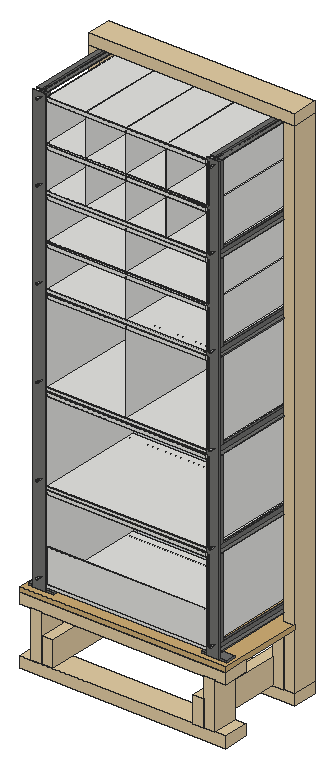
Revit family "Mailboxes_Aluminum-Rack_Ladder_System-Salsbury_Industries-5_Unit_High_Wall_Installation", category Specialty Equipment, host Wall, Revit 2016 (continued)
Definition of nested family "2200_Series_Aluminum_Mailboxes_Rack_Ladder_Units"
  Dimensions and locks (in)
    aligned and locked: curve 6 to plane 25 "Inner Right Side of Trim"
    aligned and locked: curve 8 to plane 37
    aligned and locked: plane 21 "Top Trim Height" to curve 5
    aligned and locked: curve 11 to plane 21 "Top Trim Height"
    aligned and locked: plane 24 "Right Side Trim Alignment-Top and Bottom Trim" to curve 12
    aligned and locked: curve 10 to plane 30 "Left Side Trim Alignment-Top and Bottom Trim"
    aligned and locked: plane 9 "Top" to curve 9
    aligned and locked: curve 14 to plane 4 "Left"
    aligned and locked: plane 20 "Bottom Trim Height" to curve 13
    aligned and locked: plane 2 "Bottom" to curve 15
    aligned and locked: curve 16 to plane 37
    aligned and locked: plane 7 "Back" to curve 20
    aligned and locked: plane 2 "Bottom" to curve 19
    aligned and locked: plane 21 "Top Trim Height" to curve 17
    aligned and locked: curve 18 to plane 29 "Back Edge of Side Trim"
    aligned and locked: plane 9 "Top" to curve 21
    aligned and locked: curve 22 to plane 6 "Front"
    aligned and locked: plane 2 "Bottom" to curve 23
    aligned and locked: curve 25 to plane 4 "Left"
    aligned and locked: plane 5 "Right" to curve 27
    aligned and locked: plane 7 "Back" to curve 24
    aligned and locked: curve 26 to plane 17 "Back Edge of Bottom Trim"
    aligned and locked: plane 5 "Right" to curve 30
    aligned and locked: curve 29 to plane 6 "Front"
    aligned and locked: curve 28 to plane 4 "Left"
    aligned and locked: cut or joined group of Extrusion 3, Extrusion 4, Extrusion 7 to plane 24 "Right Side Trim Alignment-Top and Bottom Trim"
    aligned and locked: plane 27 to cut or joined group of Extrusion 3, Extrusion 4, Extrusion 7
    aligned and locked: plane 30 "Left Side Trim Alignment-Top and Bottom Trim" to Extrusion 5
    aligned and locked: Extrusion 5 to plane 27
    aligned and locked: cut or joined group of Extrusion 2, Extrusion 4, Extrusion 6 to plane 19
    aligned and locked: cut or joined group of Extrusion 2, Extrusion 4, Extrusion 6 to plane 16
    aligned and locked: plane 15 to cut or joined group of Extrusion 2, Extrusion 4, Extrusion 6
    aligned and locked: cut or joined group of Extrusion 2, Extrusion 4, Extrusion 6 to plane 18
    aligned and locked: cut or joined group of Extrusion 1, Extrusion 4, Extrusion 7 to plane 12 "Back Edge of Top Trim"
    aligned and locked: cut or joined group of Extrusion 1, Extrusion 4, Extrusion 7 to plane 22
    aligned and locked: cut or joined group of Extrusion 1, Extrusion 4, Extrusion 7 to plane 11 "Door Align-Back of Door"
    aligned and locked: cut or joined group of Extrusion 1, Extrusion 4, Extrusion 7 to plane 23
    aligned and locked: cut or joined group of Extrusion 1, Extrusion 4, Extrusion 7 to plane 10
    aligned and locked: plane 14 "Back Edge of Side Panels" to curve 46
    aligned and locked: curve 44 to plane 111
    aligned and locked: curve 45 to plane 34
  Automatic sketch dimensions
    plane 6 "Front" to Extrusion 4 sketch curve = 0.000"
    Extrusion 4 sketch curve to plane 24 "Right Side Trim Alignment-Top and Bottom Trim" = 0.000"
    Extrusion 4 sketch curve to plane 5 "Right" = 0.000"
    plane 27 to Extrusion 4 sketch curve = 0.000"
    plane 6 "Front" to Extrusion 6 sketch curve = 0.000"
    Extrusion 6 sketch curve to plane 30 "Left Side Trim Alignment-Top and Bottom Trim" = 0.000"
    Extrusion 6 sketch curve to plane 4 "Left" = 0.000"
    Extrusion 6 sketch curve to plane 27 = 0.000"
    Extrusion 7 sketch curve to plane 6 "Front" = 0.000"
    plane 22 to Extrusion 7 sketch curve = 0.000"
    Extrusion 7 sketch curve to plane 31 "Trop Trim Extrusion Line" = 0.000"
    plane 21 "Top Trim Height" to Extrusion 7 sketch curve = 0.000"
    Extrusion 9 sketch curve to plane 14 "Back Edge of Side Panels" = 0.000"
    Extrusion 9 sketch curve to plane 7 "Back" = 0.000"
    plane 21 "Top Trim Height" to Extrusion 9 sketch curve = 0.000"
    plane 14 "Back Edge of Side Panels" to Extrusion 11 sketch curve = 0.000"
    plane 15 to Extrusion 11 sketch curve = 0.000"
    Extrusion 11 sketch curve to plane 32 "Left Wall of Enclosure" = 0.000"
    Extrusion 11 sketch curve to plane 25 "Inner Right Side of Trim" = 0.000"
    plane 24 "Right Side Trim Alignment-Top and Bottom Trim" to Extrusion 12 sketch curve = 0.000"
    Extrusion 12 sketch curve to plane 55 "Door Align - Row 1" = 0.000"  (x2)
    Extrusion 12 sketch curve to plane 45 "Bottom Compartment Section-Top Plate" = 0.000"  (x2)
    plane 32 "Left Wall of Enclosure" to Extrusion 12 sketch curve = 0.000"
    plane 26 "Right Wall of Enclsosure" to Extrusion 12 sketch curve = 0.000"
    Extrusion 12 sketch curve to plane 93 = 0.0005"
    Extrusion 13 sketch curve to plane 77 = 0.000"
    plane 11 "Door Align-Back of Door" to Extrusion 22 sketch curve = 0.000"
    Extrusion 22 sketch curve to plane 68 = 0.000"
    Extrusion 22 sketch curve to plane 69 = 0.000"
    plane 92 to Extrusion 22 sketch curve = 0.000"
    curve 33 to plane 27 = 0.000"
    plane 27 to curve 30 = 0.000"
    curve 29 to plane 30 "Left Side Trim Alignment-Top and Bottom Trim" = 0.000"
    curve 32 to plane 24 "Right Side Trim Alignment-Top and Bottom Trim" = 0.000"
    curve 40 to plane 11 "Door Align-Back of Door" = 0.000"
    plane 23 to curve 40 = 0.000"
    curve 43 to plane 12 "Back Edge of Top Trim" = 0.000"
    plane 22 to curve 43 = 0.000"
    curve 36 to plane 15 = 0.000"
    curve 36 to plane 18 = 0.000"
    curve 38 to plane 17 "Back Edge of Bottom Trim" = 0.000"
    curve 38 to plane 19 = 0.000"
    curve 37 to plane 16 = 0.000"
    curve 40 to plane 10 = 0.000"
  Nested families (in)
    nested 1: "Rack Ladder None" at (-5.61775, -7.25025, 0.28125), type <- "Door Location D8", visible <- "Visible", type "No Door"
    nested 2: "Rack Ladder None" at (-9.3155, -7.25025, 0.28125), type <- "Door Location D7", visible <- "Visible", type "No Door"
    nested 3: "Rack Ladder #3 Door" at (-5.62725, -7.25025, 0.28125), type <- "Door Location D9", visible <- "Visible", type "#3 Door"
    nested 4: "Rack Ladder None" at (1.77825, -7.25025, 0.28125), type <- "Door Location D10", visible <- "Visible", type "No Door"
    nested 5: "Rack Ladder None" at (5.47625, -7.25025, 0.28125), type <- "Door Location D11", visible <- "Visible", type "No Door"
    nested 6: "Rack Ladder #3 Door" at (5.46925, -7.25025, 0.28125), type <- "Door Location D12", visible <- "Visible", type "#3 Door"
    nested 7: "Rack Ladder None" at (-5.61775, -7.25025, 6.219), type <- "Door Location D2", visible <- "Visible", type "No Door"
    nested 8: "Rack Ladder None" at (-9.3155, -7.25025, 6.219), type <- "Door Location D1", visible <- "Visible", type "No Door"
    nested 9: "Rack Ladder #3 Door" at (-5.62725, -7.25025, 6.219), type <- "Door Location D3", visible <- "Visible", type "#3 Door"
    nested 10: "Rack Ladder None" at (1.77825, -7.25025, 6.219), type <- "Door Location D4", visible <- "Visible", type "No Door"
    nested 11: "Rack Ladder None" at (5.47625, -7.25025, 6.219), type <- "Door Location D5", visible <- "Visible", type "No Door"
    nested 12: "Rack Ladder #3 Door" at (5.469, -7.25025, 6.219), type <- "Door Location D6", visible <- "Visible", type "#3 Door"
    nested 13: "Rack Ladder None" at (-7.46675, -7.25025, 0.28125), type <- "Door Location D15", type "No Door"
    nested 14: "Rack Ladder None" at (3.628, -7.25025, 0.28125), type <- "Door Location D16", type "No Door"
    nested 15: "Rack Ladder None" at (-7.46675, -7.25025, 6.219), type <- "Door Location D13", type "No Door"
    nested 16: "Rack Ladder None" at (3.628, -7.25025, 6.219), type <- "Door Location D14", type "No Door"
    nested 17: "Rack Ladder None" at (-1.7605, -7.25025, 0.28125), type <- "Door Location D17", type "No Door"
    nested 18: "Rack Ladder Latch Lock" at (5.93775, 7.77746, 0.59116), visible <- "Rear Door", type "Lock Latch"
      with Rear Door no
    nested 19: "Rack Ladder Latch Lock" at (-6.0935, 7.77746, 0.59116), visible <- "Rear Door", type "Lock Latch"
      with Rear Door no
  Definition of nested family "Rack Ladder #3 Door"
    Parameters (values of type "#3 Door")
      Width = 10.937"
      Type Comments = "For Aluminum Mailboxes"
      Model = "#3 Door"
      Manufacturer = "Salsbury Industries"
      Lock Offset - Vertical = 1.5625"
      Lock Material = none
      Height = 5.625"
      Front Panel Material = none
      Depth = 0.313"
    Reference planes (in)
      plane 1 "Center (Front/Back)": y = 0
      plane 2 "Bottom of Door": z = 0
      plane 3 "Center (Left/Right)": x = 0
      plane 4 "Left Side of Door": x = -5.4685
      plane 5 "Right Side of Door": x = 5.4685
      plane 6 "Front of Door": y = -0.1565
      plane 7 "Back of Door": y = 0.1565
      plane 8 "Vertical Center": z = 2.8125
      plane 9 "Top of Door": z = 5.625
      plane 10 "Hinge Line": x = 4.9685
      plane 11 "Vertical Lock Center": x = -4.4685
      plane 12: z = 1.5625
      plane 13: x = 3.9685
      plane 14: x = 3.4685
      plane 15: x = 2.4685
      plane 16: x = 1.9685
      plane 17: x = 0.9685
      plane 18: x = 0.4995
      plane 19: x = -0.5005
      plane 20: x = -1.0005
      plane 21: x = -2.0005
      plane 22: x = -2.5005
      plane 23: x = -3.4695
      plane 24: x = -3.9695
      plane 25: x = -4.9695
      plane 26 "Front of Hinge": y = -0.344
      plane 27 "Door Face Inset Guide": y = -0.12525
      plane 28: z = 4.875
    Forms (in)
      Extrusion 1, solid, material <- "Front Panel Material"
        sketch origin (0, 0, 0) x (1, 0, 0) y (0, 1, 0)
          loop
            line (5.4685, 0.1565) -> (-5.4685, 0.1565) -> (-5.4685, -0.1565) -> (4.9685, -0.1565)
            arc (4.9685, -0.1565) -> (5.2185, -0.34407) -> (5.4685, -0.1565) r 0.26039
            line (5.4685, -0.1565) -> (5.4685, 0.1565)
        from 0 to 5.625
      Extrusion 2, void
        sketch origin (0, -0.344, 0) x (1, 0, 0) y (0, 0, 1)
          loop
            line (3.9685, 5.625) -> (3.9685, 0) -> (4.9685, 0) -> (4.9685, 5.625) -> (3.9685, 5.625)
          loop
            line (2.4685, 5.625) -> (2.4685, 0) -> (3.4685, 0) -> (3.4685, 5.625) -> (2.4685, 5.625)
          loop
            line (0.9685, 5.625) -> (0.9685, 0) -> (1.9685, 0) -> (1.9685, 5.625) -> (0.9685, 5.625)
          loop
            line (-0.5005, 5.625) -> (-0.5005, 0) -> (0.4995, 0) -> (0.4995, 5.625) -> (-0.5005, 5.625)
          loop
            line (-2.0005, 5.625) -> (-2.0005, 0) -> (-1.0005, 0) -> (-1.0005, 5.625) -> (-2.0005, 5.625)
          loop
            line (-3.4695, 5.625) -> (-3.4695, 0) -> (-2.5005, 0) -> (-2.5005, 5.625) -> (-3.4695, 5.625)
          loop
            line (-4.9695, 5.625) -> (-4.9695, 0) -> (-3.9695, 0) -> (-3.9695, 5.625) -> (-4.9695, 5.625)
        from 0 to -0.21875
      Extrusion 3, void
        sketch origin (0, 0, -1.219) x (1, 0, 0) y (0, 0, 1)
          loop
            circle (-4.4685, 2.8125) r 0.3125
        from 0.12525 to -0.1565
      Extrusion 4, solid, material <- "Lock Material"
        sketch origin (0, 0.1565, -1.219) x (1, 0, 0) y (0, 0, 1)
          loop
            circle (-4.4685, 2.8125) r 0.3
        from 0 to 0.28175
      Extrusion 5, void
        sketch origin (0, -0.1565, -1.219) x (1, 0, 0) y (0, 0, 1)
          loop
            line (-4.531, 2.85778) -> (-4.531, 2.51103) -> (-4.406, 2.51103) -> (-4.406, 2.85778) -> (-4.531, 2.85778)
        from -0.1565 to 0
    Cuts and joins
      Extrusion 2, Extrusion 3 cuts Extrusion 1
      Extrusion 5 cuts Extrusion 4
    Lines and regions (in)
      symbolic lines
        curve 1: line (-5.4685, -0.1565, 5.625) -> (5.4685, -0.1565, 5.625)
        curve 2: line (-5.4685, -0.1565, 0) -> (-5.4685, -0.1565, 5.625)
        curve 3: line (5.4685, -0.1565, 0) -> (-5.4685, -0.1565, 0)
        curve 4: line (5.4685, -0.1565, 5.625) -> (5.4685, -0.1565, 0)
        curve 5: line (4.9685, -0.1565, 0) -> (4.9685, -0.1565, 5.625)
        curve 6: circle (-4.4685, -0.1565, 1.59551) r 0.31049 normal (0, -1, 0)
    Dimensions and locks (in)
      equal spacing: plane 9 "Top of Door", plane 8 "Vertical Center", plane 2 "Bottom of Door"
      equal spacing: plane 4 "Left Side of Door", plane 3 "Center (Left/Right)", plane 5 "Right Side of Door"
      equal spacing: plane 6 "Front of Door", plane 1 "Center (Front/Back)", plane 7 "Back of Door"
      "Height": plane 9 "Top of Door" to plane 2 "Bottom of Door"
      "Width": plane 4 "Left Side of Door" to plane 5 "Right Side of Door"
      "Depth": plane 6 "Front of Door" to plane 7 "Back of Door"
      plane 10 "Hinge Line" to plane 5 "Right Side of Door" = 0.500"
      "Lock Offset - Vertical": plane 12 to plane 2 "Bottom of Door"
      plane 4 "Left Side of Door" to plane 11 "Vertical Lock Center" = 1.000"
      plane 25 to plane 24 to plane 23 to plane 22 to plane 21 to plane 20 to plane 19 to plane 18 to plane 17 to plane 16 to plane 15 to plane 14 to plane 13 to plane 10 "Hinge Line" = 1.000" locked, 0.500" locked, 0.969" locked, 0.500" locked, 1.000" locked, 0.500" locked, 1.000" locked, 0.469" locked, 1.000" locked, 0.500" locked, 1.000" locked, 0.500" locked, 1.000" locked
      plane 26 "Front of Hinge" to plane 6 "Front of Door" = 0.1875"
      plane 6 "Front of Door" to plane 27 "Door Face Inset Guide" = 0.03125"
      plane 9 "Top of Door" to plane 28 = 0.750"
      aligned and locked: level to plane 2 "Bottom of Door"
      aligned and locked: cut or joined group of Extrusion 1, Extrusion 2, Extrusion 3 to plane 2 "Bottom of Door"
      aligned and locked: cut or joined group of Extrusion 1, Extrusion 2, Extrusion 3 to plane 9 "Top of Door"
      aligned and locked: plane 9 "Top of Door" to Extrusion 2 sketch curve  (x7)
      aligned and locked: plane 2 "Bottom of Door" to curve 3
      aligned and locked: plane 5 "Right Side of Door" to curve 4
      aligned and locked: curve 2 to plane 4 "Left Side of Door"
      aligned and locked: plane 9 "Top of Door" to curve 1
      aligned and locked: plane 2 "Bottom of Door" to curve 5
      aligned and locked: plane 9 "Top of Door" to curve 5
      aligned and locked: curve 5 to plane 10 "Hinge Line"
    Automatic sketch dimensions
      Extrusion 1 sketch curve to plane 4 "Left Side of Door" = 0.000"
      plane 6 "Front of Door" to Extrusion 1 sketch curve = 0.000"  (x2)
      Extrusion 1 sketch curve to plane 10 "Hinge Line" = 0.000"
      Extrusion 1 sketch curve to plane 5 "Right Side of Door" = 0.000"
      plane 7 "Back of Door" to Extrusion 1 sketch curve = 0.000"
      Extrusion 1 sketch curve to plane 27 "Door Face Inset Guide" = 0.04158"
      Extrusion 2 sketch curve to level = 0.000"  (x7)
      plane 25 to Extrusion 2 sketch curve = 0.000"
      plane 24 to Extrusion 2 sketch curve = 0.000"
      plane 23 to Extrusion 2 sketch curve = 0.000"
      plane 22 to Extrusion 2 sketch curve = 0.000"
      plane 21 to Extrusion 2 sketch curve = 0.000"
      plane 20 to Extrusion 2 sketch curve = 0.000"
      plane 19 to Extrusion 2 sketch curve = 0.000"
      plane 18 to Extrusion 2 sketch curve = 0.000"
      plane 17 to Extrusion 2 sketch curve = 0.000"
      plane 16 to Extrusion 2 sketch curve = 0.000"
      plane 15 to Extrusion 2 sketch curve = 0.000"
      plane 14 to Extrusion 2 sketch curve = 0.000"
      plane 13 to Extrusion 2 sketch curve = 0.000"
      plane 10 "Hinge Line" to Extrusion 2 sketch curve = 0.000"
      plane 8 "Vertical Center" to Extrusion 3 sketch curve = 1.219"
      plane 11 "Vertical Lock Center" to Extrusion 3 sketch curve = 0.000"
      plane 8 "Vertical Center" to Extrusion 4 sketch curve = 1.219"
      plane 11 "Vertical Lock Center" to Extrusion 4 sketch curve = 0.000"
      plane 11 "Vertical Lock Center" to Extrusion 5 sketch curve = 0.0625"
      Extrusion 5 sketch curve to plane 11 "Vertical Lock Center" = 0.0625"
      plane 8 "Vertical Center" to Extrusion 5 sketch curve = 1.52047"
      plane 8 "Vertical Center" to Extrusion 5 sketch curve = 1.17372"
      plane 11 "Vertical Lock Center" to curve 6 = 0.000"
      curve 6 to plane 12 = 0.03301"
      radius of Extrusion 3 sketch curve = 0.3125"
      radius of Extrusion 4 sketch curve = 0.300"
      radius of curve 6 = 0.31049"
  Definition of nested family "Rack Ladder None"
    Parameters (values of type "No Door")
      Width = 3.522"
      Visible = no
      Type Comments = "For Aluminum Mailboxes"
      Model = "#1 Door"
      Manufacturer = "Salsbury Industries"
      Lock Offset - Vertical = 1.5625"
      Lock Material = none
      Height = 5.625"
      Front Panel Material = none
      Door Numbers = no
      Door Number [instance] = "1"
      Depth = 0.313"
    Reference planes (in)
      plane 1 "Center (Front/Back)": y = 0
      plane 2 "Bottom of Door": z = 0
      plane 3 "Center (Left/Right)": x = 0
      plane 4 "Left Side of Door": x = -1.761
      plane 5 "Right Side of Door": x = 1.761
      plane 6 "Front of Door": y = -0.1565
      plane 7 "Back of Door": y = 0.1565
      plane 8 "Vertical Center": z = 2.8125
      plane 9 "Top of Door": z = 5.625
      plane 10 "Hinge Line": x = 1.261
      plane 11 "Vertical Lock Center": x = -0.761
      plane 12: z = 1.5625
      plane 13: x = 0.261
      plane 14: x = -0.239
      plane 15: x = -1.239
      plane 16: x = -1.739
      plane 17: x = -2.739
      plane 18: x = -3.208
      plane 19: x = -4.208
      plane 20: x = -4.708
      plane 21: x = -5.708
      plane 22: x = -6.208
      plane 23: x = -7.177
      plane 24: x = -7.677
      plane 25: x = -8.677
      plane 26 "Front of Hinge": y = -0.344
      plane 27 "Door Face Inset Guide": y = -0.12525
      plane 28: z = 4.875
    Forms (in)
      Extrusion 1, solid, material <- "Front Panel Material", visible <- "Visible"
        sketch origin (0, 0, 0) x (1, 0, 0) y (0, 1, 0)
          loop
            line (1.761, 0.1565) -> (-1.761, 0.1565) -> (-1.761, -0.1565) -> (1.261, -0.1565)
            arc (1.261, -0.1565) -> (1.511, -0.34407) -> (1.761, -0.1565) r 0.26039
            line (1.761, -0.1565) -> (1.761, 0.1565)
        from 0 to 5.625
      Extrusion 2, void
        sketch origin (0, -0.344, 0) x (1, 0, 0) y (0, 0, 1)
          loop
            line (0.261, 5.625) -> (0.261, 0) -> (1.261, 0) -> (1.261, 5.625) -> (0.261, 5.625)
          loop
            line (-1.239, 5.625) -> (-1.239, 0) -> (-0.239, 0) -> (-0.239, 5.625) -> (-1.239, 5.625)
          loop
            line (-2.739, 5.625) -> (-2.739, 0) -> (-1.761, 0) -> (-1.761, 5.625) -> (-2.739, 5.625)
          loop
            line (-4.208, 5.625) -> (-4.208, 0) -> (-3.208, 0) -> (-3.208, 5.625) -> (-4.208, 5.625)
          loop
            line (-5.708, 5.625) -> (-5.708, 0) -> (-4.708, 0) -> (-4.708, 5.625) -> (-5.708, 5.625)
          loop
            line (-7.177, 5.625) -> (-7.177, 0) -> (-6.208, 0) -> (-6.208, 5.625) -> (-7.177, 5.625)
          loop
            line (-8.677, 5.625) -> (-8.677, 0) -> (-7.677, 0) -> (-7.677, 5.625) -> (-8.677, 5.625)
        from 0 to -0.21875
      Extrusion 3, void
        sketch origin (0, 0, -1.219) x (1, 0, 0) y (0, 0, 1)
          loop
            circle (-0.761, 2.8125) r 0.3125
        from 0.12525 to -0.1565
      Extrusion 4, solid, material <- "Lock Material", visible <- "Visible"
        sketch origin (0, 0.1565, -1.219) x (1, 0, 0) y (0, 0, 1)
          loop
            circle (-0.761, 2.8125) r 0.3
        from 0 to 0.28175
      Extrusion 5, void
        sketch origin (0, -0.1565, -1.219) x (1, 0, 0) y (0, 0, 1)
          loop
            line (-0.8235, 2.85778) -> (-0.8235, 2.51103) -> (-0.6985, 2.51103) -> (-0.6985, 2.85778) -> (-0.8235, 2.85778)
        from -0.1565 to 0
    Cuts and joins
      Extrusion 2, Extrusion 3 cuts Extrusion 1
      Extrusion 5 cuts Extrusion 4
    Dimensions and locks (in)
      equal spacing: plane 9 "Top of Door", plane 8 "Vertical Center", plane 2 "Bottom of Door"
      equal spacing: plane 4 "Left Side of Door", plane 3 "Center (Left/Right)", plane 5 "Right Side of Door"
      equal spacing: plane 6 "Front of Door", plane 1 "Center (Front/Back)", plane 7 "Back of Door"
      "Height": plane 9 "Top of Door" to plane 2 "Bottom of Door"
      "Width": plane 4 "Left Side of Door" to plane 5 "Right Side of Door"
      "Depth": plane 6 "Front of Door" to plane 7 "Back of Door"
      plane 10 "Hinge Line" to plane 5 "Right Side of Door" = 0.500"
      "Lock Offset - Vertical": plane 12 to plane 2 "Bottom of Door"
      plane 4 "Left Side of Door" to plane 11 "Vertical Lock Center" = 1.000"
      plane 25 to plane 24 to plane 23 to plane 22 to plane 21 to plane 20 to plane 19 to plane 18 to plane 17 to plane 16 to plane 15 to plane 14 to plane 13 to plane 10 "Hinge Line" = 1.000" locked, 0.500" locked, 0.969" locked, 0.500" locked, 1.000" locked, 0.500" locked, 1.000" locked, 0.469" locked, 1.000" locked, 0.500" locked, 1.000" locked, 0.500" locked, 1.000" locked
      plane 26 "Front of Hinge" to plane 6 "Front of Door" = 0.1875"
      plane 6 "Front of Door" to plane 27 "Door Face Inset Guide" = 0.03125"
      plane 9 "Top of Door" to plane 28 = 0.750"
      aligned and locked: level to plane 2 "Bottom of Door"
      aligned and locked: cut or joined group of Extrusion 1, Extrusion 2, Extrusion 3 to plane 2 "Bottom of Door"
      aligned and locked: cut or joined group of Extrusion 1, Extrusion 2, Extrusion 3 to plane 9 "Top of Door"
      aligned and locked: plane 9 "Top of Door" to Extrusion 2 sketch curve  (x7)
    Automatic sketch dimensions
      Extrusion 1 sketch curve to plane 4 "Left Side of Door" = 0.000"
      plane 6 "Front of Door" to Extrusion 1 sketch curve = 0.000"  (x2)
      Extrusion 1 sketch curve to plane 10 "Hinge Line" = 0.000"
      Extrusion 1 sketch curve to plane 5 "Right Side of Door" = 0.000"
      plane 7 "Back of Door" to Extrusion 1 sketch curve = 0.000"
      Extrusion 1 sketch curve to plane 27 "Door Face Inset Guide" = 0.04158"
      Extrusion 2 sketch curve to level = 0.000"  (x7)
      plane 25 to Extrusion 2 sketch curve = 0.000"
      plane 24 to Extrusion 2 sketch curve = 0.000"
      plane 23 to Extrusion 2 sketch curve = 0.000"
      plane 22 to Extrusion 2 sketch curve = 0.000"
      plane 21 to Extrusion 2 sketch curve = 0.000"
      plane 20 to Extrusion 2 sketch curve = 0.000"
      plane 19 to Extrusion 2 sketch curve = 0.000"
      plane 18 to Extrusion 2 sketch curve = 0.000"
      plane 17 to Extrusion 2 sketch curve = 0.000"
      plane 16 to Extrusion 2 sketch curve = 0.022"
      plane 15 to Extrusion 2 sketch curve = 0.000"
      plane 14 to Extrusion 2 sketch curve = 0.000"
      plane 13 to Extrusion 2 sketch curve = 0.000"
      plane 10 "Hinge Line" to Extrusion 2 sketch curve = 0.000"
      plane 8 "Vertical Center" to Extrusion 3 sketch curve = 1.219"
      plane 11 "Vertical Lock Center" to Extrusion 3 sketch curve = 0.000"
      plane 8 "Vertical Center" to Extrusion 4 sketch curve = 1.219"
      plane 11 "Vertical Lock Center" to Extrusion 4 sketch curve = 0.000"
      plane 11 "Vertical Lock Center" to Extrusion 5 sketch curve = 0.0625"
      Extrusion 5 sketch curve to plane 11 "Vertical Lock Center" = 0.0625"
      plane 8 "Vertical Center" to Extrusion 5 sketch curve = 1.52047"
      plane 8 "Vertical Center" to Extrusion 5 sketch curve = 1.17372"
      radius of Extrusion 3 sketch curve = 0.3125"
      radius of Extrusion 4 sketch curve = 0.300"
  Definition of nested family "Rack Ladder Latch Lock"
    Parameters (values of type "Lock Latch")
      Width = 1.866"
      Type Comments = "Lock Latch for Aluminum Mailboxes"
      Rear Door = yes
      Manufacturer = "Salsbury Industries"
      Height = 1.750"
      Depth = 0.244"
      Back Enclosure Material = none
    Reference planes (in)
      plane 1 "Center (Front/Back)": y = 0
      plane 2 "bottom": z = 0
      plane 3 "Center (Left/Right)": x = 0
      plane 4 "right": x = -0.933
      plane 5 "left": x = 0.933
      plane 6 "Front": y = 0.122
      plane 7 "Back": y = -0.122
      plane 8 "Vertical Center": z = 0.875
      plane 9 "top": z = 1.75
      plane 10: z = -0.279
    Forms (in)
      Extrusion 1, solid, material <- "Back Enclosure Material", visible <- "Rear Door"
        sketch origin (0, 0, 0) x (1, 0, 0) y (0, 1, 0)
          loop
            line (-0.2052, -0.0902) -> (-0.933, -0.0902) -> (-0.933, -0.12209) -> (-0.20518, -0.12209)
            arc (-0.20518, -0.12209) -> (-0.12279, -0.08579) -> (-0.09398, -0.00048) r 0.11165
            arc (-0.09398, -0.00048) -> (0.00012, 0.09362) -> (0.09423, -0.00048) r 0.09411
            arc (0.09423, -0.00048) -> (0.12477, -0.08591) -> (0.208, -0.122) r 0.11401
            line (0.208, -0.122) -> (0.933, -0.122) -> (0.933, -0.08954) -> (0.20816, -0.08954)
            arc (0.20816, -0.08954) -> (0.14702, -0.06294) -> (0.1248, -0.00006) r 0.08357
            arc (0.1248, -0.00006) -> (-0.00014, 0.12487) -> (-0.12507, -0.00006) r 0.12494
            arc (-0.12507, -0.00006) -> (-0.1449, -0.06312) -> (-0.2052, -0.0902) r 0.08069
        from 0 to 1.75
      Extrusion 2, void
        sketch origin (0, 0.122, 0) x (1, 0, 0) y (0, 0, 1)
          loop
            line (-0.16686, 1.46934) -> (-0.16686, 0.23804) -> (0.1534, 0.23804) -> (0.1534, 0.43538) -> (0.08495, 0.43538) -> (0.08495, 1.31462) -> (0.1534, 1.31462) -> (0.1534, 1.46934) -> (-0.16686, 1.46934)
        from -0.01091 to 0.1442
      Blend 3, solid, material <- "Back Enclosure Material", visible <- "Rear Door", detail levels fine
        base sketch origin (0, 0.122, 0) x (1, 0, 0) y (0, 0, 1)
          loop
            circle (-0.5582, 1.36599) r 0.1
        top sketch origin (0, 0.122, 0) x (1, 0, 0) y (0, 0, 1)
          loop
            circle (-0.5582, 1.36599) r 0.25
        from 0.16742 to 0.21154
      Blend 4, solid, material <- "Back Enclosure Material", visible <- "Rear Door", detail levels fine
        base sketch origin (1.11828, 0.122, 0) x (1, 0, 0) y (0, 0, 1)
          loop
            circle (-0.5582, 1.36599) r 0.1
        top sketch origin (1.11828, 0.122, 0) x (1, 0, 0) y (0, 0, 1)
          loop
            circle (-0.5582, 1.36599) r 0.25
        from 0.16742 to 0.21154
      Blend 5, solid, material <- "Back Enclosure Material", visible <- "Rear Door", detail levels fine
        base sketch origin (0, 0.122, -1) x (1, 0, 0) y (0, 0, 1)
          loop
            circle (-0.5582, 1.36599) r 0.1
        top sketch origin (0, 0.122, -1) x (1, 0, 0) y (0, 0, 1)
          loop
            circle (-0.5582, 1.36599) r 0.25
        from 0.16742 to 0.21154
      Blend 6, solid, material <- "Back Enclosure Material", visible <- "Rear Door", detail levels fine
        base sketch origin (1.11828, 0.122, -1) x (1, 0, 0) y (0, 0, 1)
          loop
            circle (-0.5582, 1.36599) r 0.1
        top sketch origin (1.11828, 0.122, -1) x (1, 0, 0) y (0, 0, 1)
          loop
            circle (-0.5582, 1.36599) r 0.25
        from 0.16742 to 0.21154
      Extrusion 7, solid, material <- "Back Enclosure Material", visible <- "Rear Door"
        sketch origin (0.00096, -7.77812, -0.40625) x (1, 0, 0) y (0, 1, 0)
          loop
            circle (-0.00048, 7.77784) r 0.09014
        from 0 to 2
      Extrusion 8, solid, material <- "Back Enclosure Material", visible <- "Rear Door"
        sketch origin (0, -7.78798, 0) x (0, 1, 0) y (0, 0, 1)
          loop
            circle (7.81979, 0.30837) r 0.05
        from 0 to 0.5
      Extrusion 9, solid, material <- "Back Enclosure Material", visible <- "Rear Door"
        sketch origin (0.00176, -0.02845, -0.59125) x (1, 0, 0) y (0, 0, 1)
          loop
            line (1.0609, 0.28125) -> (1.0609, 0.31225) -> (-1.06287, 0.31225) -> (-1.06287, 0.28125) -> (1.0609, 0.28125)
        from -0.25 to 0.625
      Extrusion 10, void
        sketch origin (0.00176, -7.77845, -0.31) x (0, -1, 0) y (1, 0, 0)
          loop
            circle (-7.77776, -0.00113) r 0.09325
        from 0 to 0.031
    Cuts and joins
      Extrusion 2 cuts Extrusion 1
      Extrusion 10 cuts Extrusion 9
    Lines and regions (in)
      symbolic lines
        curve 1: line (0.933, 0.122, 1.75) -> (-0.933, 0.122, 1.75)
        curve 2: line (0.933, 0.122, 0) -> (0.933, 0.122, 1.75)
        curve 3: line (-0.933, 0.122, 0) -> (0.933, 0.122, 0)
        curve 4: line (-0.933, 0.122, 1.75) -> (-0.933, 0.122, 0)
        curve 5: line (0.933, 0.122, -0.279) -> (-0.933, 0.122, -0.279)
        curve 6: line (0.08495, 0.122, 1.75) -> (-0.09416, 0.122, 1.75)
        curve 7: line (0.08495, 0.122, -0.40625) -> (0.08495, 0.122, 1.75)
        curve 8: line (-0.09416, 0.122, -0.40625) -> (0.08495, 0.122, -0.40625)
        curve 9: line (-0.09416, 0.122, 1.75) -> (-0.09416, 0.122, -0.40625)
        curve 10: line (0, -0.122, -0.279) -> (0, 0.122, -0.279)
        curve 11: line (0, -0.122, 1.75) -> (0, 0.122, 1.75)
        curve 12: line (0, -0.122, -0.40625) -> (0, -0.122, 1.75)
        curve 13: line (0, 0.122, -0.40625) -> (0, -0.122, -0.40625)
        curve 14: line (0, 0.122, 1.75) -> (0, 0.122, -0.40625)
        curve 15: line (-0.933, -0.122, 0) -> (-0.933, -0.0902, 0)
        curve 16: line (-0.933, -0.0902, 0) -> (0.933, -0.0902, 0)
        curve 17: line (0.933, -0.0902, 0) -> (0.933, -0.122, 0)
    Dimensions and locks (in)
      equal spacing: plane 7 "Back", plane 1 "Center (Front/Back)", plane 6 "Front"
      "Depth": plane 7 "Back" to plane 6 "Front"
      equal spacing: plane 4 "right", plane 3 "Center (Left/Right)", plane 5 "left"
      "Width": plane 4 "right" to plane 5 "left"
      equal spacing: plane 9 "top", plane 8 "Vertical Center", plane 2 "bottom"
      "Height": plane 9 "top" to plane 2 "bottom"
      plane 10 to level = 0.279"
      aligned and locked: level to plane 2 "bottom"
      aligned and locked: curve 4 to plane 4 "right"
      aligned and locked: plane 9 "top" to curve 1
      aligned and locked: plane 5 "left" to curve 2
      aligned and locked: plane 2 "bottom" to curve 3
      aligned and locked: plane 5 "left" to curve 5
      aligned and locked: plane 4 "right" to curve 5
      aligned and locked: plane 10 to curve 5
      aligned and locked: plane 9 "top" to curve 6
      aligned and locked: plane 7 "Back" to curve 10
      aligned and locked: plane 6 "Front" to curve 10
      aligned and locked: curve 12 to plane 7 "Back"
      aligned and locked: plane 6 "Front" to curve 14
      aligned and locked: plane 9 "top" to curve 11
      aligned and locked: cut or joined group of Extrusion 1, Extrusion 2 to plane 5 "left"
      aligned and locked: plane 4 "right" to cut or joined group of Extrusion 1, Extrusion 2
    Automatic sketch dimensions
      Extrusion 1 sketch curve to plane 4 "right" = 0.000"
      plane 7 "Back" to Extrusion 1 sketch curve = 0.000"
      Extrusion 1 sketch curve to plane 5 "left" = 0.000"
      plane 1 "Center (Front/Back)" to Extrusion 1 sketch curve = 0.00951"
      Extrusion 1 sketch curve to plane 3 "Center (Left/Right)" = 0.2052"
      plane 7 "Back" to Extrusion 1 sketch curve = 0.00009"
      Extrusion 1 sketch curve to Extrusion 1 sketch curve = 0.00002"
      Extrusion 1 sketch curve to plane 3 "Center (Left/Right)" = 0.00014"
      plane 3 "Center (Left/Right)" to Extrusion 1 sketch curve = 0.00012"
      plane 3 "Center (Left/Right)" to Extrusion 1 sketch curve = 0.208"
      Extrusion 1 sketch curve to Extrusion 1 sketch curve = 0.00016"
      Extrusion 1 sketch curve to plane 7 "Back" = 0.0318"
      Extrusion 1 sketch curve to plane 7 "Back" = 0.03246"
      Extrusion 1 sketch curve to Extrusion 1 sketch curve = 0.00094"
      plane 1 "Center (Front/Back)" to Extrusion 1 sketch curve = 0.00799"
      Extrusion 1 sketch curve to Extrusion 1 sketch curve = 0.00201"
      Extrusion 2 sketch curve to plane 3 "Center (Left/Right)" = 0.16686"
      plane 3 "Center (Left/Right)" to Extrusion 2 sketch curve = 0.08495"
      Extrusion 2 sketch curve to Extrusion 2 sketch curve = 0.06845"  (x2)
      level to Extrusion 2 sketch curve = 0.23804"
      Extrusion 2 sketch curve to Extrusion 2 sketch curve = 0.19734"
      plane 9 "top" to Extrusion 2 sketch curve = 0.43538"
      plane 9 "top" to Extrusion 2 sketch curve = 0.28066"
      Blend 3 sketch curve to plane 4 "right" = 0.3748"  (x2)
      plane 9 "top" to Blend 3 sketch curve = 0.38401"  (x2)
      plane 5 "left" to Blend 4 sketch curve = 0.37292"  (x2)
      plane 9 "top" to Blend 4 sketch curve = 0.38401"  (x2)
      Blend 5 sketch curve to plane 4 "right" = 0.3748"  (x2)
      level to Blend 5 sketch curve = 0.36599"  (x2)
      plane 5 "left" to Blend 6 sketch curve = 0.37292"  (x2)
      level to Blend 6 sketch curve = 0.36599"  (x2)
      plane 3 "Center (Left/Right)" to Extrusion 7 sketch curve = 0.00048"
      plane 1 "Center (Front/Back)" to Extrusion 7 sketch curve = 0.00028"
      level to Extrusion 8 sketch curve = 0.30837"
      plane 6 "Front" to Extrusion 8 sketch curve = 0.09019"
      plane 4 "right" to Extrusion 9 sketch curve = 0.1281"
      Extrusion 9 sketch curve to plane 5 "left" = 0.12966"
      Extrusion 9 sketch curve to level = 0.310"
      Extrusion 9 sketch curve to Extrusion 9 sketch curve = 0.031"
      plane 1 "Center (Front/Back)" to Extrusion 10 sketch curve = 0.0007"
      plane 3 "Center (Left/Right)" to Extrusion 10 sketch curve = 0.00063"
      curve 6 to plane 3 "Center (Left/Right)" = 0.09416"
      plane 3 "Center (Left/Right)" to curve 6 = 0.08495"
      plane 10 to curve 9 = 0.12725"
      plane 10 to curve 10 = 0.000"
      plane 10 to curve 14 = 0.12725"
      curve 15 to plane 4 "right" = 0.000"
      curve 17 to plane 5 "left" = 0.000"
      curve 16 to plane 7 "Back" = 0.0318"
      plane 7 "Back" to curve 17 = 0.000"
      plane 7 "Back" to curve 15 = 0.000"
      radius of Blend 3 sketch curve = 0.100"
      radius of Blend 3 sketch curve = 0.250"
      radius of Blend 4 sketch curve = 0.100"
      radius of Blend 4 sketch curve = 0.250"
      radius of Blend 5 sketch curve = 0.100"
      radius of Blend 5 sketch curve = 0.250"
      radius of Blend 6 sketch curve = 0.100"
      radius of Blend 6 sketch curve = 0.250"
      radius of Extrusion 7 sketch curve = 0.09014"
      radius of Extrusion 8 sketch curve = 0.050"
      radius of Extrusion 10 sketch curve = 0.09325"
Types (5): name | Starter and Add On Configuration (not applicable) | Starter Configuration (not applicable) | Rough Opening Width | Right RO Offset | Left RO Offset | End Column and Add On Configuration (not applicable) | Description | 2200 Series Mailbox - Location 5 | 2200 Series Mailbox - Location 4 | 2200 Series Mailbox - Location 3 | 2200 Series Mailbox - Location 2 | 2200 Series Mailbox - Location 1
  (no name) | yes | yes | 25.375" | 1.500" | 1.500" | yes | "5 Unit High  Installation - Single Column" | 2200_Series_Aluminum_Mailboxes_Rack_Ladder_Units : 2208 | 2200_Series_Aluminum_Mailboxes_Rack_Ladder_Units : 2204 | 2200_Series_Aluminum_Mailboxes_Rack_Ladder_Units : 2202 | 2200_Series_Aluminum_Mailboxes_Rack_Ladder_Units : 2201 | 2200_Series_Aluminum_Mailboxes_Rack_Ladder_Units : 2280
  Starter Column-2200 Series Mailboxes-5 High | no | no | 25.375" | 0.000" | 1.500" | yes | "5 Unit High  Installation - Starter Column" | 2200_Series_Aluminum_Mailboxes_Rack_Ladder_Units : 2212 | 2200_Series_Aluminum_Mailboxes_Rack_Ladder_Units : 2204 | 2200_Series_Aluminum_Mailboxes_Rack_Ladder_Units : 2202 | 2200_Series_Aluminum_Mailboxes_Rack_Ladder_Units : 2201 | 2200_Series_Aluminum_Mailboxes_Rack_Ladder_Units : 2280
  Right Side - Add On Column-2200 Series Mailboxes-5 High | no | yes | 23.875" | 0.000" | 0.000" | no | "5 Unit High  Installation - Add On Column" | 2200_Series_Aluminum_Mailboxes_Rack_Ladder_Units : 2204 | 2200_Series_Aluminum_Mailboxes_Rack_Ladder_Units : 2202 | 2200_Series_Aluminum_Mailboxes_Rack_Ladder_Units : 2201 | 2200_Series_Aluminum_Mailboxes_Rack_Ladder_Units : 2280 | 2200_Series_Aluminum_Mailboxes_Rack_Ladder_Units : 2282
  Single Column Installation-2200 Series Mailboxes-5 High | yes | yes | 25.375" | 1.500" | 1.500" | yes | "5 Unit High  Installation - Single Column" | 2200_Series_Aluminum_Mailboxes_Rack_Ladder_Units : 2208 | 2200_Series_Aluminum_Mailboxes_Rack_Ladder_Units : 2204 | 2200_Series_Aluminum_Mailboxes_Rack_Ladder_Units : 2202 | 2200_Series_Aluminum_Mailboxes_Rack_Ladder_Units : 2201 | 2200_Series_Aluminum_Mailboxes_Rack_Ladder_Units : 2280
  Right Side - End Column-2200 Series Mailboxes-5 High | yes | yes | 23.875" | 1.500" | 0.000" | no | "5 Unit High  Installation - End Column" | 2200_Series_Aluminum_Mailboxes_Rack_Ladder_Units : 2201 | 2200_Series_Aluminum_Mailboxes_Rack_Ladder_Units : 2280 | 2200_Series_Aluminum_Mailboxes_Rack_Ladder_Units : 2282 | 2200_Series_Aluminum_Mailboxes_Rack_Ladder_Units : 2270P | 2200_Series_Aluminum_Mailboxes_Rack_Ladder_Units : 2272P
